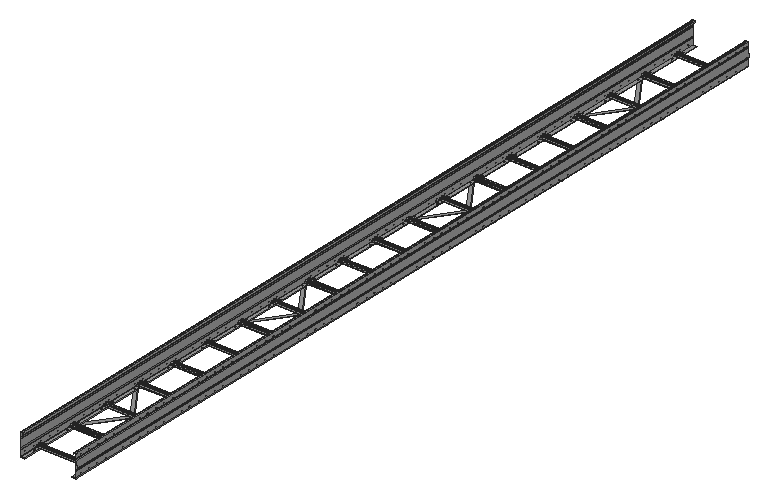
Revit family "WKLG1640", category Generic Models, Revit 2017 (continued)
Dimensions and locks
  locked: cut or joined group 1 (Extrusion 2, Extrusion 163, Extrusion 164, Extrusion 165, Extrusion 166, Extrusion 167, Extrusion 168, Extrusion 169, Extrusion 170, Extrusion 171, Extrusion 172, Extrusion 173, Extrusion 174, Extrusion 175, Extrusion 176, Extrusion 177, Extrusion 178, Extrusion 179, Extrusion 180, Extrusion 181, Extrusion 182, Extrusion 183, Extrusion 184, Extrusion 185, Extrusion 186, Extrusion 187, Extrusion 188, Extrusion 189, Extrusion 190, Extrusion 191, Extrusion 192, Extrusion 193, Extrusion 194, Extrusion 195, Extrusion 196, Extrusion 197, Extrusion 198, Extrusion 199, Extrusion 200, Extrusion 201, Extrusion 202, Extrusion 203, Extrusion 204, Extrusion 205, Extrusion 206, Extrusion 207, Extrusion 208, Extrusion 209, Extrusion 210, Extrusion 211, Extrusion 212, Extrusion 213, Extrusion 214, Extrusion 215, Extrusion 216, Extrusion 217, Extrusion 218, Extrusion 219, Extrusion 220, Extrusion 221, Extrusion 222, Extrusion 223, Extrusion 224, Extrusion 225, Extrusion 226, Extrusion 227, Extrusion 228, Extrusion 229, Extrusion 230, Extrusion 231, Extrusion 232, Extrusion 233, Extrusion 234, Extrusion 235, Extrusion 236, Extrusion 237, Extrusion 238, Extrusion 239, Extrusion 240, Extrusion 241, Extrusion 242, Extrusion 243, Extrusion 244, Extrusion 245, Extrusion 246, Extrusion 247, Extrusion 248, Extrusion 249, Extrusion 250, Extrusion 251, Extrusion 252, Extrusion 253, Extrusion 254, Extrusion 255, Extrusion 256, Extrusion 257, Extrusion 258, Extrusion 259, Extrusion 260, Extrusion 261, Extrusion 262, Extrusion 263, Extrusion 264, Extrusion 265, Extrusion 266, Extrusion 267, Extrusion 268, Extrusion 269, Extrusion 270, Extrusion 271, Extrusion 272, Extrusion 273, Extrusion 274, Extrusion 275, Extrusion 276, Extrusion 277, Extrusion 278, Extrusion 279, Extrusion 280, Extrusion 281, Extrusion 282, Extrusion 283, Extrusion 284, Extrusion 285, Extrusion 286, Extrusion 287, Extrusion 288, Extrusion 289, Extrusion 290, Extrusion 291, Extrusion 292, Extrusion 293, Extrusion 294, Extrusion 295, Extrusion 296, Extrusion 297, Extrusion 298, Extrusion 299, Extrusion 300, Extrusion 301, Extrusion 302, Extrusion 303, Extrusion 304, Extrusion 305, Extrusion 306, Extrusion 307, Extrusion 308, Extrusion 309, Extrusion 310, Extrusion 311, Extrusion 312, Extrusion 313, Extrusion 314, Extrusion 315, Extrusion 316, Extrusion 317, Extrusion 318, Extrusion 319, Extrusion 320, Extrusion 321, Extrusion 322, Extrusion 324, Extrusion 325, Extrusion 326, Extrusion 327, Extrusion 328, Extrusion 329, Extrusion 330, Extrusion 331, Extrusion 332, Extrusion 333, Extrusion 334, Extrusion 335, Extrusion 336, Extrusion 337, Extrusion 338, Extrusion 339, Extrusion 340, Extrusion 341, Extrusion 342, Extrusion 343, Extrusion 344, Extrusion 345, Extrusion 346, Extrusion 347, Extrusion 348, Extrusion 349, Extrusion 350, Extrusion 351, Extrusion 352, Extrusion 353, Extrusion 354, Extrusion 355, Extrusion 356, Extrusion 357, Extrusion 358, Extrusion 359, Extrusion 360, Extrusion 361, Extrusion 362, Extrusion 363, Extrusion 404, Extrusion 407, Extrusion 409, Extrusion 411, Extrusion 413, Extrusion 415, Extrusion 417, Extrusion 419, Extrusion 421, Extrusion 423, Extrusion 425, Extrusion 427, Extrusion 429, Extrusion 431, Extrusion 433, Extrusion 435, Extrusion 437, Extrusion 439, Extrusion 441, Extrusion 443) to plane 184 at 18
  equal spacing: group 320, group 321, group 322, group 323, group 324, group 325, group 326, group 327, group 328, group 329, group 330, group 331, group 332, group 333, group 334, group 335, group 336, group 337, group 338, group 339  (x3)
  locked: cut or joined group 1 to plane 205 at 18
  locked: cut or joined group 1 to plane 207 at 15.5
  locked: cut or joined group 1 to cut or joined group 1 at 20.5
  equal spacing: group 340, group 341, group 342, group 343, group 344, group 345, group 346, group 347, group 348, group 349, group 350, group 351, group 352, group 353, group 354, group 355, group 356, group 357, group 358, group 359  (x3)
  locked: plane 228 to cut or joined group 2 (Extrusion 1, Extrusion 3, Extrusion 4, Extrusion 5, Extrusion 6, Extrusion 7, Extrusion 8, Extrusion 9, Extrusion 10, Extrusion 11, Extrusion 12, Extrusion 13, Extrusion 14, Extrusion 15, Extrusion 16, Extrusion 17, Extrusion 18, Extrusion 19, Extrusion 20, Extrusion 21, Extrusion 22, Extrusion 23, Extrusion 24, Extrusion 25, Extrusion 26, Extrusion 27, Extrusion 28, Extrusion 29, Extrusion 30, Extrusion 31, Extrusion 32, Extrusion 33, Extrusion 34, Extrusion 35, Extrusion 36, Extrusion 37, Extrusion 38, Extrusion 39, Extrusion 40, Extrusion 41, Extrusion 42, Extrusion 43, Extrusion 44, Extrusion 45, Extrusion 46, Extrusion 47, Extrusion 48, Extrusion 49, Extrusion 50, Extrusion 51, Extrusion 52, Extrusion 53, Extrusion 54, Extrusion 55, Extrusion 56, Extrusion 57, Extrusion 58, Extrusion 59, Extrusion 60, Extrusion 61, Extrusion 62, Extrusion 63, Extrusion 64, Extrusion 65, Extrusion 66, Extrusion 67, Extrusion 68, Extrusion 69, Extrusion 70, Extrusion 71, Extrusion 72, Extrusion 73, Extrusion 74, Extrusion 75, Extrusion 76, Extrusion 77, Extrusion 78, Extrusion 79, Extrusion 80, Extrusion 81, Extrusion 82, Extrusion 83, Extrusion 84, Extrusion 85, Extrusion 86, Extrusion 87, Extrusion 88, Extrusion 89, Extrusion 90, Extrusion 91, Extrusion 92, Extrusion 93, Extrusion 94, Extrusion 95, Extrusion 96, Extrusion 97, Extrusion 98, Extrusion 99, Extrusion 100, Extrusion 101, Extrusion 102, Extrusion 103, Extrusion 104, Extrusion 105, Extrusion 106, Extrusion 107, Extrusion 108, Extrusion 109, Extrusion 110, Extrusion 111, Extrusion 112, Extrusion 113, Extrusion 114, Extrusion 115, Extrusion 116, Extrusion 117, Extrusion 118, Extrusion 119, Extrusion 120, Extrusion 121, Extrusion 122, Extrusion 123, Extrusion 124, Extrusion 125, Extrusion 126, Extrusion 127, Extrusion 128, Extrusion 129, Extrusion 130, Extrusion 131, Extrusion 132, Extrusion 133, Extrusion 134, Extrusion 135, Extrusion 136, Extrusion 137, Extrusion 138, Extrusion 139, Extrusion 140, Extrusion 141, Extrusion 142, Extrusion 143, Extrusion 144, Extrusion 145, Extrusion 146, Extrusion 147, Extrusion 148, Extrusion 149, Extrusion 150, Extrusion 151, Extrusion 152, Extrusion 153, Extrusion 154, Extrusion 155, Extrusion 156, Extrusion 157, Extrusion 158, Extrusion 159, Extrusion 160, Extrusion 161, Extrusion 162, Extrusion 163, Extrusion 364, Extrusion 365, Extrusion 366, Extrusion 367, Extrusion 368, Extrusion 369, Extrusion 370, Extrusion 371, Extrusion 372, Extrusion 373, Extrusion 374, Extrusion 375, Extrusion 376, Extrusion 377, Extrusion 378, Extrusion 379, Extrusion 380, Extrusion 381, Extrusion 382, Extrusion 383, Extrusion 384, Extrusion 385, Extrusion 386, Extrusion 387, Extrusion 388, Extrusion 389, Extrusion 390, Extrusion 391, Extrusion 392, Extrusion 393, Extrusion 394, Extrusion 395, Extrusion 396, Extrusion 397, Extrusion 398, Extrusion 399, Extrusion 400, Extrusion 401, Extrusion 402, Extrusion 403, Extrusion 404, Extrusion 407, Extrusion 409, Extrusion 411, Extrusion 413, Extrusion 415, Extrusion 417, Extrusion 419, Extrusion 421, Extrusion 423, Extrusion 425, Extrusion 427, Extrusion 429, Extrusion 431, Extrusion 433, Extrusion 435, Extrusion 437, Extrusion 439, Extrusion 441, Extrusion 443) at 18
  locked: cut or joined group 2 to cut or joined group 2 at 15.5
  equal spacing: group 360, group 361, group 362, group 363, group 364, group 365, group 366, group 367, group 368, group 369, group 370, group 371, group 372, group 373, group 374, group 375, group 376, group 377, group 378, group 379  (x3)
  locked: plane 230 to plane 178 at 50
  locked: plane 231 to cut or joined group 2 at 18
  equal spacing: group 380, group 381, group 382, group 383, group 384, group 385, group 386, group 387, group 388, group 389, group 390, group 391, group 392, group 393, group 394, group 395, group 396, group 397, group 398, group 399  (x3)
  locked: cut or joined group 1 to plane 252 at 12.5
  locked: plane 255 to plane 254 at 30
  locked: plane 259 to Extrusion 404 sketch curve at 36.25
  locked: plane 256 to Extrusion 404 sketch curve at 29.25
  Extrusion 405 sketch curve to Extrusion 405 sketch curve = 1.5 mm
  locked: Extrusion 405 sketch curve to Extrusion 405 sketch curve at 1.5
  Extrusion 406 sketch curve to Extrusion 406 sketch curve = 1.5 mm
  locked: Extrusion 406 sketch curve to Extrusion 406 sketch curve at 1.5
  locked: Extrusion 406 to Extrusion 406 at 1.5
  locked: plane 264 to plane 263 at 30
  locked: plane 268 to Extrusion 407 sketch curve at 36.25
  locked: plane 265 to Extrusion 407 sketch curve at 29.25
  equal spacing: group 400, group 403, group 405, group 407, group 409, group 411, group 413, group 415, group 417, group 419, group 421, group 423, group 425, group 427, group 429, group 431, group 433, group 435, group 437, group 439  (x3)
  Extrusion 408 sketch curve to Extrusion 408 sketch curve = 1.5 mm
  locked: Extrusion 408 sketch curve to Extrusion 408 sketch curve at 1.5
  locked: Extrusion 408 to Extrusion 408 at 1.5
  locked: plane 272 to plane 271 at 30
  locked: plane 276 to Extrusion 409 sketch curve at 36.25
  locked: plane 273 to Extrusion 409 sketch curve at 29.25
  Extrusion 410 sketch curve to Extrusion 410 sketch curve = 1.5 mm
  locked: Extrusion 410 sketch curve to Extrusion 410 sketch curve at 1.5
  locked: Extrusion 410 to Extrusion 410 at 1.5
  locked: plane 280 to plane 279 at 30
  locked: plane 284 to Extrusion 411 sketch curve at 36.25
  locked: plane 281 to Extrusion 411 sketch curve at 29.25
  Extrusion 412 sketch curve to Extrusion 412 sketch curve = 1.5 mm
  locked: Extrusion 412 sketch curve to Extrusion 412 sketch curve at 1.5
  locked: Extrusion 412 to Extrusion 412 at 1.5
  locked: plane 288 to plane 287 at 30
  locked: plane 292 to Extrusion 413 sketch curve at 36.25
  locked: plane 289 to Extrusion 413 sketch curve at 29.25
  Extrusion 414 sketch curve to Extrusion 414 sketch curve = 1.5 mm
  locked: Extrusion 414 sketch curve to Extrusion 414 sketch curve at 1.5
  locked: Extrusion 414 to Extrusion 414 at 1.5
  locked: plane 296 to plane 295 at 30
  locked: plane 300 to Extrusion 415 sketch curve at 36.25
  locked: plane 297 to Extrusion 415 sketch curve at 29.25
  Extrusion 416 sketch curve to Extrusion 416 sketch curve = 1.5 mm
  locked: Extrusion 416 sketch curve to Extrusion 416 sketch curve at 1.5
  locked: Extrusion 416 to Extrusion 416 at 1.5
  locked: plane 304 to plane 303 at 30
  locked: plane 308 to Extrusion 417 sketch curve at 36.25
  locked: plane 305 to Extrusion 417 sketch curve at 29.25
  Extrusion 418 sketch curve to Extrusion 418 sketch curve = 1.5 mm
  locked: Extrusion 418 sketch curve to Extrusion 418 sketch curve at 1.5
  locked: Extrusion 418 to Extrusion 418 at 1.5
  locked: plane 312 to plane 311 at 30
  locked: plane 316 to Extrusion 419 sketch curve at 36.25
  locked: plane 313 to Extrusion 419 sketch curve at 29.25
  Extrusion 420 sketch curve to Extrusion 420 sketch curve = 1.5 mm
  locked: Extrusion 420 sketch curve to Extrusion 420 sketch curve at 1.5
  locked: Extrusion 420 to Extrusion 420 at 1.5
  locked: plane 320 to plane 319 at 30
  locked: plane 324 to Extrusion 421 sketch curve at 36.25
  locked: plane 321 to Extrusion 421 sketch curve at 29.25
  Extrusion 422 sketch curve to Extrusion 422 sketch curve = 1.5 mm
  locked: Extrusion 422 sketch curve to Extrusion 422 sketch curve at 1.5
  locked: Extrusion 422 to Extrusion 422 at 1.5
  locked: plane 328 to plane 327 at 30
  locked: plane 332 to Extrusion 423 sketch curve at 36.25
  locked: plane 329 to Extrusion 423 sketch curve at 29.25
  Extrusion 424 sketch curve to Extrusion 424 sketch curve = 1.5 mm
  locked: Extrusion 424 sketch curve to Extrusion 424 sketch curve at 1.5
  locked: Extrusion 424 to Extrusion 424 at 1.5
  locked: plane 336 to plane 335 at 30
  locked: plane 340 to Extrusion 425 sketch curve at 36.25
  locked: plane 337 to Extrusion 425 sketch curve at 29.25
  Extrusion 426 sketch curve to Extrusion 426 sketch curve = 1.5 mm
  locked: Extrusion 426 sketch curve to Extrusion 426 sketch curve at 1.5
  locked: Extrusion 426 to Extrusion 426 at 1.5
  locked: plane 344 to plane 343 at 30
  locked: plane 348 to Extrusion 427 sketch curve at 36.25
  locked: plane 345 to Extrusion 427 sketch curve at 29.25
  Extrusion 428 sketch curve to Extrusion 428 sketch curve = 1.5 mm
  locked: Extrusion 428 sketch curve to Extrusion 428 sketch curve at 1.5
  locked: Extrusion 428 to Extrusion 428 at 1.5
  locked: plane 352 to plane 351 at 30
  locked: plane 356 to Extrusion 429 sketch curve at 36.25
  locked: plane 353 to Extrusion 429 sketch curve at 29.25
  Extrusion 430 sketch curve to Extrusion 430 sketch curve = 1.5 mm
  locked: Extrusion 430 sketch curve to Extrusion 430 sketch curve at 1.5
  locked: Extrusion 430 to Extrusion 430 at 1.5
  locked: plane 360 to plane 359 at 30
  locked: plane 364 to Extrusion 431 sketch curve at 36.25
  locked: plane 361 to Extrusion 431 sketch curve at 29.25
  Extrusion 432 sketch curve to Extrusion 432 sketch curve = 1.5 mm
  locked: Extrusion 432 sketch curve to Extrusion 432 sketch curve at 1.5
  locked: Extrusion 432 to Extrusion 432 at 1.5
  locked: plane 368 to plane 367 at 30
  locked: plane 372 to Extrusion 433 sketch curve at 36.25
  locked: plane 369 to Extrusion 433 sketch curve at 29.25
  Extrusion 434 sketch curve to Extrusion 434 sketch curve = 1.5 mm
  locked: Extrusion 434 sketch curve to Extrusion 434 sketch curve at 1.5
  locked: Extrusion 434 to Extrusion 434 at 1.5
  locked: plane 376 to plane 375 at 30
  locked: plane 380 to Extrusion 435 sketch curve at 36.25
  locked: plane 377 to Extrusion 435 sketch curve at 29.25
  Extrusion 436 sketch curve to Extrusion 436 sketch curve = 1.5 mm
  locked: Extrusion 436 sketch curve to Extrusion 436 sketch curve at 1.5
  locked: Extrusion 436 to Extrusion 436 at 1.5
  locked: plane 384 to plane 383 at 30
  locked: plane 388 to Extrusion 437 sketch curve at 36.25
  locked: plane 385 to Extrusion 437 sketch curve at 29.25
  Extrusion 438 sketch curve to Extrusion 438 sketch curve = 1.5 mm
  locked: Extrusion 438 sketch curve to Extrusion 438 sketch curve at 1.5
  locked: Extrusion 438 to Extrusion 438 at 1.5
  locked: plane 392 to plane 391 at 30
  locked: plane 396 to Extrusion 439 sketch curve at 36.25
  locked: plane 393 to Extrusion 439 sketch curve at 29.25
  Extrusion 440 sketch curve to Extrusion 440 sketch curve = 1.5 mm
  locked: Extrusion 440 sketch curve to Extrusion 440 sketch curve at 1.5
  locked: Extrusion 440 to Extrusion 440 at 1.5
  locked: plane 400 to plane 399 at 30
  locked: plane 404 to Extrusion 441 sketch curve at 36.25
  locked: plane 401 to Extrusion 441 sketch curve at 29.25
  Extrusion 442 sketch curve to Extrusion 442 sketch curve = 1.5 mm
  locked: Extrusion 442 sketch curve to Extrusion 442 sketch curve at 1.5
  locked: Extrusion 442 to Extrusion 442 at 1.5
  locked: plane 408 to plane 407 at 30
  locked: plane 412 to Extrusion 443 sketch curve at 36.25
  locked: plane 409 to Extrusion 443 sketch curve at 29.25
  locked: Extrusion 444 to Extrusion 444 at 25
  locked: Extrusion 444 to cut or joined group 2 at 9.57
  locked: cut or joined group 1 to Extrusion 444 at 12.682
  "Height 1": Extrusion 444 to Extrusion 444
  locked: Extrusion 445 to Extrusion 445 at 25
  locked: cut or joined group 1 to Extrusion 445 at 8.674
  locked: Extrusion 445 to cut or joined group 2 at 12.341
  "Height 1": Extrusion 444 to Extrusion 445
  locked: Extrusion 446 to Extrusion 446 at 25
  "Height 1": Extrusion 446 to Extrusion 446
  equal spacing: group 440, group 441, group 442, group 443  (x3)
  locked: Extrusion 447 to Extrusion 447 at 25
  "Height 1": Extrusion 447 to Extrusion 447
  locked: Extrusion 448 to Extrusion 448 at 25
  "Height 1": Extrusion 448 to Extrusion 448
  locked: Extrusion 449 to Extrusion 449 at 25
  equal spacing: group 444, group 445, group 446, group 447  (x3)
  locked: Extrusion 450 to Extrusion 450 at 25
  locked: Extrusion 451 to Extrusion 451 at 25
  aligned and locked: level to plane 2
  aligned and locked: plane 1 "Center (Front/Back)" to Extrusion 1
  aligned and locked: plane 1 "Center (Front/Back)" to Extrusion 2
  aligned and locked: Extrusion 1 to Extrusion 3  (x2)
  aligned and locked: Extrusion 1 to Extrusion 83  (x2)
  aligned and locked: plane 98 to plane 15
  aligned and locked: Extrusion 2 to Extrusion 163
